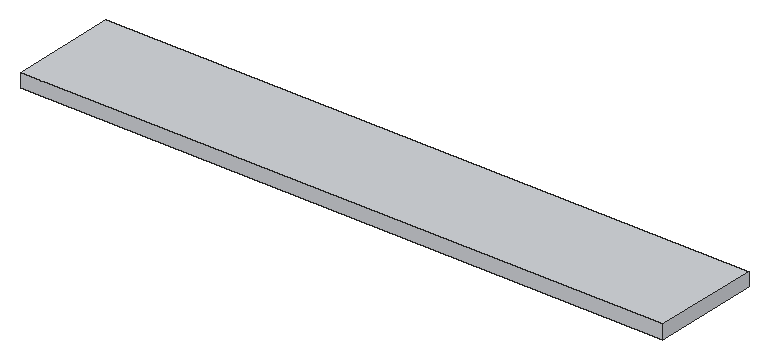
Revit family "DI Slotted Grate", category Plumbing Fixtures, Revit 2014
Parameters (values of type "GIS")
  Width = 6.00"
  Void Length = 0.07"
  URL = "www.siouxchief.com"
  Model = ".865-GIS"
  Manufacturer = "Sioux Chief Manufacturing"
  Length = 36.00"
  Description = "Iron Grate"
Reference planes (in)
  plane 1 "Center (Front/Back)": y = 0
  plane 2: z = 0
  plane 3 "Center (Left/Right)": x = 0
  plane 4: x = -18
  plane 5: x = 18
  plane 6: y = 3
  plane 7: y = -3
  plane 8: x = -18.5
  plane 9: x = -18.43
Forms (in)
  Extrusion 1, solid
    sketch origin (-18, 10.52407, 48) x (0, 1, 0) y (0, 0, 1)
      loop
        line (-7.52407, -48) -> (-7.52407, -47.23) -> (-13.52407, -47.23) -> (-13.52407, -48) -> (-7.52407, -48)
    from 0 to 36
Lines and regions (in)
  model lines
    curve 1: line (16.67215, 2.2775, 0.77) -> (16.67215, -2.2775, 0.77)
    curve 2: line (16.05215, 2.2775, 0.77) -> (16.05215, -2.2775, 0.77)
    curve 3: arc (16.05215, 2.2775, 0.77) -> (16.36215, 2.5875, 0.77) -> (16.67215, 2.2775, 0.77) r 0.31
    curve 4: arc (16.05215, -2.2775, 0.77) -> (16.36215, -2.5875, 0.77) -> (16.67215, -2.2775, 0.77) r 0.31
    curve 5: line (15.55215, 2.2775, 0.77) -> (15.55215, -2.2775, 0.77)
    curve 6: line (14.93215, 2.2775, 0.77) -> (14.93215, -2.2775, 0.77)
    curve 7: arc (14.93215, 2.2775, 0.77) -> (15.24215, 2.5875, 0.77) -> (15.55215, 2.2775, 0.77) r 0.31
    curve 8: arc (14.93215, -2.2775, 0.77) -> (15.24215, -2.5875, 0.77) -> (15.55215, -2.2775, 0.77) r 0.31
    curve 9: line (14.43215, 2.2775, 0.77) -> (14.43215, -2.2775, 0.77)
    curve 10: line (13.81215, 2.2775, 0.77) -> (13.81215, -2.2775, 0.77)
    curve 11: arc (13.81215, 2.2775, 0.77) -> (14.12215, 2.5875, 0.77) -> (14.43215, 2.2775, 0.77) r 0.31
    curve 12: arc (13.81215, -2.2775, 0.77) -> (14.12215, -2.5875, 0.77) -> (14.43215, -2.2775, 0.77) r 0.31
    curve 13: line (13.31215, 2.2775, 0.77) -> (13.31215, -2.2775, 0.77)
    curve 14: line (12.69215, 2.2775, 0.77) -> (12.69215, -2.2775, 0.77)
    curve 15: arc (12.69215, 2.2775, 0.77) -> (13.00215, 2.5875, 0.77) -> (13.31215, 2.2775, 0.77) r 0.31
    curve 16: arc (12.69215, -2.2775, 0.77) -> (13.00215, -2.5875, 0.77) -> (13.31215, -2.2775, 0.77) r 0.31
    curve 17: line (11.37215, 2.2775, 0.77) -> (11.37215, -2.2775, 0.77)
    curve 18: line (10.75215, 2.2775, 0.77) -> (10.75215, -2.2775, 0.77)
    curve 19: arc (10.75215, 2.2775, 0.77) -> (11.06215, 2.5875, 0.77) -> (11.37215, 2.2775, 0.77) r 0.31
    curve 20: arc (10.75215, -2.2775, 0.77) -> (11.06215, -2.5875, 0.77) -> (11.37215, -2.2775, 0.77) r 0.31
    curve 21: line (10.25215, 2.2775, 0.77) -> (10.25215, -2.2775, 0.77)
    curve 22: line (9.63215, 2.2775, 0.77) -> (9.63215, -2.2775, 0.77)
    curve 23: arc (9.63215, 2.2775, 0.77) -> (9.94215, 2.5875, 0.77) -> (10.25215, 2.2775, 0.77) r 0.31
    curve 24: arc (9.63215, -2.2775, 0.77) -> (9.94215, -2.5875, 0.77) -> (10.25215, -2.2775, 0.77) r 0.31
    curve 25: line (9.13215, 2.2775, 0.77) -> (9.13215, -2.2775, 0.77)
    curve 26: line (8.51215, 2.2775, 0.77) -> (8.51215, -2.2775, 0.77)
    curve 27: arc (8.51215, 2.2775, 0.77) -> (8.82215, 2.5875, 0.77) -> (9.13215, 2.2775, 0.77) r 0.31
    curve 28: arc (8.51215, -2.2775, 0.77) -> (8.82215, -2.5875, 0.77) -> (9.13215, -2.2775, 0.77) r 0.31
    curve 29: line (8.01215, 2.2775, 0.77) -> (8.01215, -2.2775, 0.77)
    curve 30: line (7.39215, 2.2775, 0.77) -> (7.39215, -2.2775, 0.77)
    curve 31: arc (7.39215, 2.2775, 0.77) -> (7.70215, 2.5875, 0.77) -> (8.01215, 2.2775, 0.77) r 0.31
    curve 32: arc (7.39215, -2.2775, 0.77) -> (7.70215, -2.5875, 0.77) -> (8.01215, -2.2775, 0.77) r 0.31
    curve 33: line (6.89215, 2.2775, 0.77) -> (6.89215, -2.2775, 0.77)
    curve 34: line (6.27215, 2.2775, 0.77) -> (6.27215, -2.2775, 0.77)
    curve 35: arc (6.27215, 2.2775, 0.77) -> (6.58215, 2.5875, 0.77) -> (6.89215, 2.2775, 0.77) r 0.31
    curve 36: arc (6.27215, -2.2775, 0.77) -> (6.58215, -2.5875, 0.77) -> (6.89215, -2.2775, 0.77) r 0.31
    curve 37: line (5.77215, 2.2775, 0.77) -> (5.77215, -2.2775, 0.77)
    curve 38: line (5.15215, 2.2775, 0.77) -> (5.15215, -2.2775, 0.77)
    curve 39: arc (5.15215, 2.2775, 0.77) -> (5.46215, 2.5875, 0.77) -> (5.77215, 2.2775, 0.77) r 0.31
    curve 40: arc (5.15215, -2.2775, 0.77) -> (5.46215, -2.5875, 0.77) -> (5.77215, -2.2775, 0.77) r 0.31
    curve 41: line (4.65215, 2.2775, 0.77) -> (4.65215, -2.2775, 0.77)
    curve 42: line (4.03215, 2.2775, 0.77) -> (4.03215, -2.2775, 0.77)
    curve 43: arc (4.03215, 2.2775, 0.77) -> (4.34215, 2.5875, 0.77) -> (4.65215, 2.2775, 0.77) r 0.31
    curve 44: arc (4.03215, -2.2775, 0.77) -> (4.34215, -2.5875, 0.77) -> (4.65215, -2.2775, 0.77) r 0.31
    curve 45: line (3.53215, 2.2775, 0.77) -> (3.53215, -2.2775, 0.77)
    curve 46: line (2.91215, 2.2775, 0.77) -> (2.91215, -2.2775, 0.77)
    curve 47: arc (2.91215, 2.2775, 0.77) -> (3.22215, 2.5875, 0.77) -> (3.53215, 2.2775, 0.77) r 0.31
    curve 48: arc (2.91215, -2.2775, 0.77) -> (3.22215, -2.5875, 0.77) -> (3.53215, -2.2775, 0.77) r 0.31
    curve 49: line (2.41215, 2.2775, 0.77) -> (2.41215, -2.2775, 0.77)
    curve 50: line (1.79215, 2.2775, 0.77) -> (1.79215, -2.2775, 0.77)
    curve 51: arc (1.79215, 2.2775, 0.77) -> (2.10215, 2.5875, 0.77) -> (2.41215, 2.2775, 0.77) r 0.31
    curve 52: arc (1.79215, -2.2775, 0.77) -> (2.10215, -2.5875, 0.77) -> (2.41215, -2.2775, 0.77) r 0.31
    curve 53: line (1.29215, 2.2775, 0.77) -> (1.29215, -2.2775, 0.77)
    curve 54: line (0.67215, 2.2775, 0.77) -> (0.67215, -2.2775, 0.77)
    curve 55: arc (0.67215, 2.2775, 0.77) -> (0.98215, 2.5875, 0.77) -> (1.29215, 2.2775, 0.77) r 0.31
    curve 56: arc (0.67215, -2.2775, 0.77) -> (0.98215, -2.5875, 0.77) -> (1.29215, -2.2775, 0.77) r 0.31
    curve 57: line (-16.67215, 2.2775, 0.77) -> (-16.67215, -2.2775, 0.77)
    curve 58: line (-16.05215, 2.2775, 0.77) -> (-16.05215, -2.2775, 0.77)
    curve 59: arc (-16.05215, 2.2775, 0.77) -> (-16.36215, 2.5875, 0.77) -> (-16.67215, 2.2775, 0.77) r 0.31
    curve 60: arc (-16.05215, -2.2775, 0.77) -> (-16.36215, -2.5875, 0.77) -> (-16.67215, -2.2775, 0.77) r 0.31
    curve 61: line (-15.55215, 2.2775, 0.77) -> (-15.55215, -2.2775, 0.77)
    curve 62: line (-14.93215, 2.2775, 0.77) -> (-14.93215, -2.2775, 0.77)
    curve 63: arc (-14.93215, 2.2775, 0.77) -> (-15.24215, 2.5875, 0.77) -> (-15.55215, 2.2775, 0.77) r 0.31
    curve 64: arc (-14.93215, -2.2775, 0.77) -> (-15.24215, -2.5875, 0.77) -> (-15.55215, -2.2775, 0.77) r 0.31
    curve 65: line (-14.43215, 2.2775, 0.77) -> (-14.43215, -2.2775, 0.77)
    curve 66: line (-13.81215, 2.2775, 0.77) -> (-13.81215, -2.2775, 0.77)
    curve 67: arc (-13.81215, 2.2775, 0.77) -> (-14.12215, 2.5875, 0.77) -> (-14.43215, 2.2775, 0.77) r 0.31
    curve 68: arc (-13.81215, -2.2775, 0.77) -> (-14.12215, -2.5875, 0.77) -> (-14.43215, -2.2775, 0.77) r 0.31
    curve 69: line (-13.31215, 2.2775, 0.77) -> (-13.31215, -2.2775, 0.77)
    curve 70: line (-12.69215, 2.2775, 0.77) -> (-12.69215, -2.2775, 0.77)
    curve 71: arc (-12.69215, 2.2775, 0.77) -> (-13.00215, 2.5875, 0.77) -> (-13.31215, 2.2775, 0.77) r 0.31
    curve 72: arc (-12.69215, -2.2775, 0.77) -> (-13.00215, -2.5875, 0.77) -> (-13.31215, -2.2775, 0.77) r 0.31
    curve 73: line (-11.37215, 2.2775, 0.77) -> (-11.37215, -2.2775, 0.77)
    curve 74: line (-10.75215, 2.2775, 0.77) -> (-10.75215, -2.2775, 0.77)
    curve 75: arc (-10.75215, 2.2775, 0.77) -> (-11.06215, 2.5875, 0.77) -> (-11.37215, 2.2775, 0.77) r 0.31
    curve 76: arc (-10.75215, -2.2775, 0.77) -> (-11.06215, -2.5875, 0.77) -> (-11.37215, -2.2775, 0.77) r 0.31
    curve 77: line (-10.25215, 2.2775, 0.77) -> (-10.25215, -2.2775, 0.77)
    curve 78: line (-9.63215, 2.2775, 0.77) -> (-9.63215, -2.2775, 0.77)
    curve 79: arc (-9.63215, 2.2775, 0.77) -> (-9.94215, 2.5875, 0.77) -> (-10.25215, 2.2775, 0.77) r 0.31
    curve 80: arc (-9.63215, -2.2775, 0.77) -> (-9.94215, -2.5875, 0.77) -> (-10.25215, -2.2775, 0.77) r 0.31
    curve 81: line (-9.13215, 2.2775, 0.77) -> (-9.13215, -2.2775, 0.77)
    curve 82: line (-8.51215, 2.2775, 0.77) -> (-8.51215, -2.2775, 0.77)
    curve 83: arc (-8.51215, 2.2775, 0.77) -> (-8.82215, 2.5875, 0.77) -> (-9.13215, 2.2775, 0.77) r 0.31
    curve 84: arc (-8.51215, -2.2775, 0.77) -> (-8.82215, -2.5875, 0.77) -> (-9.13215, -2.2775, 0.77) r 0.31
    curve 85: line (-8.01215, 2.2775, 0.77) -> (-8.01215, -2.2775, 0.77)
    curve 86: line (-7.39215, 2.2775, 0.77) -> (-7.39215, -2.2775, 0.77)
    curve 87: arc (-7.39215, 2.2775, 0.77) -> (-7.70215, 2.5875, 0.77) -> (-8.01215, 2.2775, 0.77) r 0.31
    curve 88: arc (-7.39215, -2.2775, 0.77) -> (-7.70215, -2.5875, 0.77) -> (-8.01215, -2.2775, 0.77) r 0.31
    curve 89: line (-6.89215, 2.2775, 0.77) -> (-6.89215, -2.2775, 0.77)
    curve 90: line (-6.27215, 2.2775, 0.77) -> (-6.27215, -2.2775, 0.77)
    curve 91: arc (-6.27215, 2.2775, 0.77) -> (-6.58215, 2.5875, 0.77) -> (-6.89215, 2.2775, 0.77) r 0.31
    curve 92: arc (-6.27215, -2.2775, 0.77) -> (-6.58215, -2.5875, 0.77) -> (-6.89215, -2.2775, 0.77) r 0.31
    curve 93: line (-5.77215, 2.2775, 0.77) -> (-5.77215, -2.2775, 0.77)
    curve 94: line (-5.15215, 2.2775, 0.77) -> (-5.15215, -2.2775, 0.77)
    curve 95: arc (-5.15215, 2.2775, 0.77) -> (-5.46215, 2.5875, 0.77) -> (-5.77215, 2.2775, 0.77) r 0.31
    curve 96: arc (-5.15215, -2.2775, 0.77) -> (-5.46215, -2.5875, 0.77) -> (-5.77215, -2.2775, 0.77) r 0.31
    curve 97: line (-4.65215, 2.2775, 0.77) -> (-4.65215, -2.2775, 0.77)
    curve 98: line (-4.03215, 2.2775, 0.77) -> (-4.03215, -2.2775, 0.77)
    curve 99: arc (-4.03215, 2.2775, 0.77) -> (-4.34215, 2.5875, 0.77) -> (-4.65215, 2.2775, 0.77) r 0.31
    curve 100: arc (-4.03215, -2.2775, 0.77) -> (-4.34215, -2.5875, 0.77) -> (-4.65215, -2.2775, 0.77) r 0.31
    curve 101: line (-3.53215, 2.2775, 0.77) -> (-3.53215, -2.2775, 0.77)
    curve 102: line (-2.91215, 2.2775, 0.77) -> (-2.91215, -2.2775, 0.77)
    curve 103: arc (-2.91215, 2.2775, 0.77) -> (-3.22215, 2.5875, 0.77) -> (-3.53215, 2.2775, 0.77) r 0.31
    curve 104: arc (-2.91215, -2.2775, 0.77) -> (-3.22215, -2.5875, 0.77) -> (-3.53215, -2.2775, 0.77) r 0.31
    curve 105: line (-2.41215, 2.2775, 0.77) -> (-2.41215, -2.2775, 0.77)
    curve 106: line (-1.79215, 2.2775, 0.77) -> (-1.79215, -2.2775, 0.77)
    curve 107: arc (-1.79215, 2.2775, 0.77) -> (-2.10215, 2.5875, 0.77) -> (-2.41215, 2.2775, 0.77) r 0.31
    curve 108: arc (-1.79215, -2.2775, 0.77) -> (-2.10215, -2.5875, 0.77) -> (-2.41215, -2.2775, 0.77) r 0.31
    curve 109: line (-1.29215, 2.2775, 0.77) -> (-1.29215, -2.2775, 0.77)
    curve 110: line (-0.67215, 2.2775, 0.77) -> (-0.67215, -2.2775, 0.77)
    curve 111: arc (-0.67215, 2.2775, 0.77) -> (-0.98215, 2.5875, 0.77) -> (-1.29215, 2.2775, 0.77) r 0.31
    curve 112: arc (-0.67215, -2.2775, 0.77) -> (-0.98215, -2.5875, 0.77) -> (-1.29215, -2.2775, 0.77) r 0.31
    curve 113: circle (-15.80215, 2.625, 0.77) r 0.1 normal (0, 0, 1)
    curve 114: circle (-15.80215, -2.625, 0.77) r 0.1 normal (0, 0, -1)
    curve 115: circle (-14.68215, 2.625, 0.77) r 0.1 normal (0, 0, 1)
    curve 116: circle (-14.68215, -2.625, 0.77) r 0.1 normal (0, 0, -1)
    curve 117: circle (-13.56215, 2.625, 0.77) r 0.1 normal (0, 0, 1)
    curve 118: circle (-13.56215, -2.625, 0.77) r 0.1 normal (0, 0, -1)
    curve 119: circle (-10.50215, 2.625, 0.77) r 0.1 normal (0, 0, 1)
    curve 120: circle (-10.50215, -2.625, 0.77) r 0.1 normal (0, 0, -1)
    curve 121: circle (-9.38215, 2.625, 0.77) r 0.1 normal (0, 0, 1)
    curve 122: circle (-9.38215, -2.625, 0.77) r 0.1 normal (0, 0, -1)
    curve 123: circle (-8.26215, 2.625, 0.77) r 0.1 normal (0, 0, 1)
    curve 124: circle (-8.26215, -2.625, 0.77) r 0.1 normal (0, 0, -1)
    curve 125: circle (-7.14215, 2.625, 0.77) r 0.1 normal (0, 0, 1)
    curve 126: circle (-7.14215, -2.625, 0.77) r 0.1 normal (0, 0, -1)
    curve 127: circle (-6.02215, 2.625, 0.77) r 0.1 normal (0, 0, 1)
    curve 128: circle (-6.02215, -2.625, 0.77) r 0.1 normal (0, 0, -1)
    curve 129: circle (-4.90215, 2.625, 0.77) r 0.1 normal (0, 0, 1)
    curve 130: circle (-4.90215, -2.625, 0.77) r 0.1 normal (0, 0, -1)
    curve 131: circle (-3.78215, 2.625, 0.77) r 0.1 normal (0, 0, 1)
    curve 132: circle (-3.78215, -2.625, 0.77) r 0.1 normal (0, 0, -1)
    curve 133: circle (-2.66215, 2.625, 0.77) r 0.1 normal (0, 0, 1)
    curve 134: circle (-2.66215, -2.625, 0.77) r 0.1 normal (0, 0, -1)
    curve 135: circle (-1.54215, 2.625, 0.77) r 0.1 normal (0, 0, 1)
    curve 136: circle (-1.54215, -2.625, 0.77) r 0.1 normal (0, 0, -1)
    curve 137: circle (1.54215, 2.625, 0.77) r 0.1 normal (0, 0, 1)
    curve 138: circle (1.54215, -2.625, 0.77) r 0.1 normal (0, 0, -1)
    curve 139: circle (2.66215, 2.625, 0.77) r 0.1 normal (0, 0, 1)
    curve 140: circle (2.66215, -2.625, 0.77) r 0.1 normal (0, 0, -1)
    curve 141: circle (3.78215, 2.625, 0.77) r 0.1 normal (0, 0, 1)
    curve 142: circle (3.78215, -2.625, 0.77) r 0.1 normal (0, 0, -1)
    curve 143: circle (4.90215, 2.625, 0.77) r 0.1 normal (0, 0, 1)
    curve 144: circle (4.90215, -2.625, 0.77) r 0.1 normal (0, 0, -1)
    curve 145: circle (6.02215, 2.625, 0.77) r 0.1 normal (0, 0, 1)
    curve 146: circle (6.02215, -2.625, 0.77) r 0.1 normal (0, 0, -1)
    curve 147: circle (7.14215, 2.625, 0.77) r 0.1 normal (0, 0, 1)
    curve 148: circle (7.14215, -2.625, 0.77) r 0.1 normal (0, 0, -1)
    curve 149: circle (8.26215, 2.625, 0.77) r 0.1 normal (0, 0, 1)
    curve 150: circle (8.26215, -2.625, 0.77) r 0.1 normal (0, 0, -1)
    curve 151: circle (9.38215, 2.625, 0.77) r 0.1 normal (0, 0, 1)
    curve 152: circle (9.38215, -2.625, 0.77) r 0.1 normal (0, 0, -1)
    curve 153: circle (10.50215, 2.625, 0.77) r 0.1 normal (0, 0, 1)
    curve 154: circle (10.50215, -2.625, 0.77) r 0.1 normal (0, 0, -1)
    curve 155: circle (13.56215, 2.625, 0.77) r 0.1 normal (0, 0, 1)
    curve 156: circle (13.56215, -2.625, 0.77) r 0.1 normal (0, 0, -1)
    curve 157: circle (14.68215, 2.625, 0.77) r 0.1 normal (0, 0, 1)
    curve 158: circle (14.68215, -2.625, 0.77) r 0.1 normal (0, 0, -1)
    curve 159: circle (15.80215, 2.625, 0.77) r 0.1 normal (0, 0, 1)
    curve 160: circle (15.80215, -2.625, 0.77) r 0.1 normal (0, 0, -1)
    curve 161: circle (-12.03215, 2.625, 0.77) r 0.1 normal (0, 0, 1)
    curve 162: circle (-12.03215, -2.625, 0.77) r 0.1 normal (0, 0, -1)
    curve 163: circle (-0.01215, 2.625, 0.77) r 0.1 normal (0, 0, 1)
    curve 164: circle (-0.01215, -2.625, 0.77) r 0.1 normal (0, 0, -1)
    curve 165: circle (12.03215, 2.625, 0.77) r 0.1 normal (0, 0, 1)
    curve 166: circle (12.03215, -2.625, 0.77) r 0.1 normal (0, 0, -1)
    curve 167: circle (17.33215, 2.625, 0.77) r 0.1 normal (0, 0, 1)
    curve 168: circle (17.33215, -2.625, 0.77) r 0.1 normal (0, 0, -1)
    curve 169: circle (-15.80215, 0, 0.77) r 0.1 normal (0, 0, -1)
    curve 170: circle (-14.68215, 0, 0.77) r 0.1 normal (0, 0, -1)
    curve 171: circle (-13.56215, 0, 0.77) r 0.1 normal (0, 0, -1)
    curve 172: circle (-10.50215, 0, 0.77) r 0.1 normal (0, 0, -1)
    curve 173: circle (-9.38215, 0, 0.77) r 0.1 normal (0, 0, -1)
    curve 174: circle (-8.26215, 0, 0.77) r 0.1 normal (0, 0, -1)
    curve 175: circle (-7.14215, 0, 0.77) r 0.1 normal (0, 0, -1)
    curve 176: circle (-6.02215, 0, 0.77) r 0.1 normal (0, 0, -1)
    curve 177: circle (-4.90215, 0, 0.77) r 0.1 normal (0, 0, -1)
    curve 178: circle (-3.78215, 0, 0.77) r 0.1 normal (0, 0, -1)
    curve 179: circle (-2.66215, 0, 0.77) r 0.1 normal (0, 0, -1)
    curve 180: circle (-1.54215, 0, 0.77) r 0.1 normal (0, 0, -1)
    curve 181: circle (1.54215, 0, 0.77) r 0.1 normal (0, 0, -1)
    curve 182: circle (2.66215, 0, 0.77) r 0.1 normal (0, 0, -1)
    curve 183: circle (3.78215, 0, 0.77) r 0.1 normal (0, 0, -1)
    curve 184: circle (4.90215, 0, 0.77) r 0.1 normal (0, 0, -1)
    curve 185: circle (6.02215, 0, 0.77) r 0.1 normal (0, 0, -1)
    curve 186: circle (7.14215, 0, 0.77) r 0.1 normal (0, 0, -1)
    curve 187: circle (8.26215, 0, 0.77) r 0.1 normal (0, 0, -1)
    curve 188: circle (9.38215, 0, 0.77) r 0.1 normal (0, 0, -1)
    curve 189: circle (10.50215, 0, 0.77) r 0.1 normal (0, 0, -1)
    curve 190: circle (13.56215, 0, 0.77) r 0.1 normal (0, 0, -1)
    curve 191: circle (14.68215, 0, 0.77) r 0.1 normal (0, 0, -1)
    curve 192: circle (15.80215, 0, 0.77) r 0.1 normal (0, 0, -1)
    curve 193: circle (-12.03215, 0, 0.77) r 0.3 normal (0, 0, -1)
    curve 194: circle (-0.01215, 0, 0.77) r 0.3 normal (0, 0, -1)
    curve 195: circle (12.03215, 0, 0.77) r 0.3 normal (0, 0, -1)
    curve 196: circle (17.33215, 0, 0.77) r 0.1 normal (0, 0, -1)
Dimensions and locks (in)
  equal spacing: plane 4, plane 3 "Center (Left/Right)", plane 5
  "Length": plane 4 to plane 5
  equal spacing: plane 6, plane 1 "Center (Front/Back)", plane 7
  "Width": plane 6 to plane 7
  "Void Length": plane 8 to plane 9
  locked: plane 8 to plane 3 "Center (Left/Right)" at 18.5
  aligned and locked: plane 2 to level
  aligned and locked: Extrusion 1 to plane 4
  aligned and locked: Extrusion 1 to plane 5
Automatic sketch dimensions
  curve 139 to Extrusion 1 = 0.375"
  curve 167 to Extrusion 1 = 0.375"
  curve 115 to Extrusion 1 = 0.375"
  curve 165 to Extrusion 1 = 0.375"
  curve 117 to Extrusion 1 = 0.375"
  curve 119 to Extrusion 1 = 0.375"
  curve 121 to Extrusion 1 = 0.375"
  curve 163 to Extrusion 1 = 0.375"
  curve 161 to Extrusion 1 = 0.375"
  curve 159 to Extrusion 1 = 0.375"
  curve 123 to Extrusion 1 = 0.375"
  curve 157 to Extrusion 1 = 0.375"
  curve 125 to Extrusion 1 = 0.375"
  curve 155 to Extrusion 1 = 0.375"
  curve 127 to Extrusion 1 = 0.375"
  curve 129 to Extrusion 1 = 0.375"
  curve 131 to Extrusion 1 = 0.375"
  curve 153 to Extrusion 1 = 0.375"
  curve 151 to Extrusion 1 = 0.375"
  curve 149 to Extrusion 1 = 0.375"
  curve 133 to Extrusion 1 = 0.375"
  curve 147 to Extrusion 1 = 0.375"
  curve 135 to Extrusion 1 = 0.375"
  curve 145 to Extrusion 1 = 0.375"
  curve 137 to Extrusion 1 = 0.375"
  curve 113 to Extrusion 1 = 0.375"
  curve 141 to Extrusion 1 = 0.375"
  curve 143 to Extrusion 1 = 0.375"
  curve 155 to curve 13 = 0.3475"
  curve 157 to curve 11 = 0.3475"
  curve 17 to Extrusion 1 = 0.7225"
  curve 159 to curve 7 = 0.3475"
  curve 153 to curve 21 = 0.3475"
  curve 159 to curve 3 = 0.3475"
  curve 151 to curve 25 = 0.3475"
  curve 135 to curve 111 = 0.3475"
  curve 149 to curve 29 = 0.3475"
  curve 135 to curve 107 = 0.3475"
  curve 147 to curve 33 = 0.3475"
  curve 133 to curve 103 = 0.3475"
  curve 145 to curve 37 = 0.3475"
  curve 131 to curve 99 = 0.3475"
  curve 143 to curve 41 = 0.3475"
  curve 129 to curve 95 = 0.3475"
  curve 141 to curve 45 = 0.3475"
  curve 127 to curve 91 = 0.3475"
  curve 139 to curve 49 = 0.3475"
  curve 125 to curve 87 = 0.3475"
  curve 137 to curve 53 = 0.3475"
  curve 123 to curve 83 = 0.3475"
  curve 57 to Extrusion 1 = 0.7225"  (x2)
  curve 121 to curve 79 = 0.3475"
  curve 113 to curve 61 = 0.3475"
  curve 119 to curve 75 = 0.3475"
  curve 115 to curve 65 = 0.3475"
  curve 117 to curve 71 = 0.3475"
  Extrusion 1 to curve 196 = 0.66785"
  curve 1 to curve 196 = 2.2775"
  curve 62 to curve 170 = 2.2775"
  curve 170 to curve 171 = 0.00"
  curve 74 to curve 172 = 2.2775"
  curve 172 to curve 173 = 0.00"
  curve 173 to curve 174 = 0.00"
  curve 174 to curve 175 = 0.00"
  curve 175 to curve 176 = 0.00"
  curve 176 to curve 177 = 0.00"
  curve 177 to curve 178 = 0.00"
  curve 178 to curve 179 = 0.00"
  curve 179 to curve 180 = 0.00"
  curve 51 to curve 181 = 2.2775"
  curve 181 to curve 182 = 0.00"
  curve 182 to curve 183 = 0.00"
  curve 183 to curve 184 = 0.00"
  curve 184 to curve 185 = 0.00"
  curve 185 to curve 186 = 0.00"
  curve 186 to curve 187 = 0.00"
  curve 187 to curve 188 = 0.00"
  curve 188 to curve 189 = 0.00"
  curve 15 to curve 190 = 2.2775"
  curve 190 to curve 191 = 0.00"
  curve 191 to curve 192 = 0.00"
  curve 193 to curve 172 = 0.00"
  curve 180 to curve 194 = 0.00"
  curve 189 to curve 195 = 0.00"
  curve 169 to curve 170 = 0.00"
  curve 80 to Extrusion 1 = 0.7225"
  curve 56 to Extrusion 1 = 0.7225"
  curve 80 to curve 81 = 0.00"
  curve 52 to Extrusion 1 = 0.7225"
  curve 84 to curve 85 = 0.00"
  curve 48 to Extrusion 1 = 0.7225"
  curve 88 to curve 89 = 0.00"
  curve 44 to Extrusion 1 = 0.7225"
  curve 92 to curve 93 = 0.00"
  curve 40 to Extrusion 1 = 0.7225"
  curve 96 to curve 97 = 0.00"
  curve 36 to Extrusion 1 = 0.7225"
  curve 102 to Extrusion 1 = 0.7225"
  curve 32 to Extrusion 1 = 0.7225"
  curve 104 to curve 105 = 0.00"
  curve 28 to Extrusion 1 = 0.7225"
  curve 108 to curve 109 = 0.00"
  curve 24 to Extrusion 1 = 0.7225"
  curve 20 to Extrusion 1 = 0.7225"
  curve 76 to Extrusion 1 = 0.7225"
  curve 16 to Extrusion 1 = 0.7225"
  curve 60 to curve 61 = 0.00"
  curve 12 to Extrusion 1 = 0.7225"
  curve 72 to Extrusion 1 = 0.7225"
  curve 8 to Extrusion 1 = 0.7225"
  curve 64 to curve 65 = 0.00"
  curve 4 to Extrusion 1 = 0.7225"
  curve 166 to Extrusion 1 = 0.375"
  curve 164 to Extrusion 1 = 0.375"
  curve 162 to Extrusion 1 = 0.375"
  curve 160 to Extrusion 1 = 0.375"
  curve 158 to Extrusion 1 = 0.375"
  curve 156 to Extrusion 1 = 0.375"
  curve 154 to Extrusion 1 = 0.375"
  curve 152 to Extrusion 1 = 0.375"
  curve 150 to Extrusion 1 = 0.375"
  curve 148 to Extrusion 1 = 0.375"
  curve 146 to Extrusion 1 = 0.375"
  curve 144 to Extrusion 1 = 0.375"
  curve 142 to Extrusion 1 = 0.375"
  curve 140 to Extrusion 1 = 0.375"
  curve 138 to Extrusion 1 = 0.375"
  curve 136 to Extrusion 1 = 0.375"
  curve 134 to Extrusion 1 = 0.375"
  curve 132 to Extrusion 1 = 0.375"
  curve 130 to Extrusion 1 = 0.375"
  curve 128 to Extrusion 1 = 0.375"
  curve 126 to Extrusion 1 = 0.375"
  curve 124 to Extrusion 1 = 0.375"
  curve 122 to Extrusion 1 = 0.375"
  curve 120 to Extrusion 1 = 0.375"
  curve 118 to Extrusion 1 = 0.375"
  curve 116 to Extrusion 1 = 0.375"
  curve 114 to Extrusion 1 = 0.375"
  curve 168 to Extrusion 1 = 0.375"
  Extrusion 1 to curve 167 = 0.66785"
  curve 1 to curve 167 = 0.66"
  curve 4 to curve 4 = 0.31"
  curve 160 to curve 4 = 0.25"
  curve 159 to curve 3 = 0.25"
  curve 192 to curve 196 = 1.53"
  curve 5 to curve 160 = 0.25"
  curve 7 to curve 5 = 0.31"
  curve 157 to curve 7 = 0.25"
  curve 158 to curve 8 = 0.25"
  curve 191 to curve 192 = 1.12"
  curve 9 to curve 158 = 0.25"
  curve 12 to curve 12 = 0.31"
  curve 190 to curve 191 = 1.12"
  curve 156 to curve 12 = 0.25"
  curve 155 to curve 11 = 0.25"
  curve 13 to curve 156 = 0.25"
  curve 15 to curve 13 = 0.31"
  curve 195 to curve 190 = 1.53"
  curve 165 to curve 14 = 0.66"
  curve 166 to curve 16 = 0.66"
  curve 17 to curve 165 = 0.66"
  curve 19 to curve 17 = 0.31"
  curve 189 to curve 195 = 1.53"
  curve 154 to curve 20 = 0.25"
  curve 153 to curve 18 = 0.25"
  curve 21 to curve 154 = 0.25"
  curve 24 to curve 24 = 0.31"
  curve 188 to curve 189 = 1.12"
  curve 152 to curve 24 = 0.25"
  curve 151 to curve 22 = 0.25"
  curve 25 to curve 152 = 0.25"
  curve 28 to curve 28 = 0.31"
  curve 149 to curve 26 = 0.25"
  curve 187 to curve 188 = 1.12"
  curve 150 to curve 28 = 0.25"
  curve 29 to curve 149 = 0.25"
  curve 31 to curve 29 = 0.31"
  curve 147 to curve 30 = 0.25"
  curve 186 to curve 187 = 1.12"
  curve 148 to curve 32 = 0.25"
  curve 33 to curve 147 = 0.25"
  curve 36 to curve 36 = 0.31"
  curve 145 to curve 34 = 0.25"
  curve 146 to curve 36 = 0.25"
  curve 185 to curve 186 = 1.12"
  curve 37 to curve 146 = 0.25"
  curve 40 to curve 40 = 0.31"
  curve 144 to curve 40 = 0.25"
  curve 143 to curve 38 = 0.25"
  curve 184 to curve 185 = 1.12"
  curve 41 to curve 144 = 0.25"
  curve 43 to curve 41 = 0.31"
  curve 183 to curve 184 = 1.12"
  curve 141 to curve 42 = 0.25"
  curve 142 to curve 44 = 0.25"
  curve 45 to curve 142 = 0.25"
  curve 47 to curve 45 = 0.31"
  curve 182 to curve 183 = 1.12"
  curve 140 to curve 48 = 0.25"
  curve 139 to curve 46 = 0.25"
  curve 49 to curve 139 = 0.25"
  curve 51 to curve 49 = 0.31"
  curve 137 to curve 50 = 0.25"
  curve 138 to curve 52 = 0.25"
  curve 181 to curve 182 = 1.12"
  curve 53 to curve 137 = 0.25"
  curve 56 to curve 53 = 0.31"
  curve 163 to curve 54 = 0.68431"
  curve 164 to curve 56 = 0.68431"
  curve 194 to curve 181 = 1.55431"
  curve 110 to curve 164 = 0.66"
  curve 112 to curve 110 = 0.31"
  curve 180 to curve 194 = 1.53"
  curve 136 to curve 109 = 0.25"
  curve 135 to curve 111 = 0.25"
  curve 106 to curve 135 = 0.25"
  curve 108 to curve 106 = 0.31"
  curve 133 to curve 107 = 0.25"
  curve 134 to curve 105 = 0.25"
  curve 179 to curve 180 = 1.12"
  curve 102 to curve 134 = 0.25"
  curve 104 to curve 102 = 0.31"
  curve 178 to curve 179 = 1.12"
  curve 132 to curve 101 = 0.25"
  curve 131 to curve 103 = 0.25"
  curve 98 to curve 131 = 0.25"
  curve 100 to curve 98 = 0.31"
  curve 129 to curve 99 = 0.25"
  curve 130 to curve 97 = 0.25"
  curve 177 to curve 178 = 1.12"
  curve 94 to curve 129 = 0.25"
  curve 96 to curve 94 = 0.31"
  curve 127 to curve 95 = 0.25"
  curve 128 to curve 93 = 0.25"
  curve 176 to curve 177 = 1.12"
  curve 90 to curve 128 = 0.25"
  curve 91 to curve 90 = 0.31"
  curve 125 to curve 91 = 0.25"
  curve 175 to curve 176 = 1.12"
  curve 126 to curve 89 = 0.25"
  curve 86 to curve 126 = 0.25"
  curve 87 to curve 86 = 0.31"
  curve 123 to curve 87 = 0.25"
  curve 174 to curve 175 = 1.12"
  curve 124 to curve 85 = 0.25"
  curve 82 to curve 123 = 0.25"
  curve 84 to curve 82 = 0.31"
  curve 122 to curve 81 = 0.25"
  curve 173 to curve 174 = 1.12"
  curve 121 to curve 83 = 0.25"
  curve 78 to curve 121 = 0.25"
  curve 80 to curve 78 = 0.31"
  curve 120 to curve 77 = 0.25"
  curve 172 to curve 173 = 1.12"
  curve 119 to curve 79 = 0.25"
  curve 74 to curve 120 = 0.25"
  curve 76 to curve 74 = 0.31"
  curve 193 to curve 172 = 1.53"
  curve 161 to curve 73 = 0.66"
  curve 162 to curve 73 = 0.66"
  curve 70 to curve 162 = 0.66"
  curve 71 to curve 70 = 0.31"
  curve 117 to curve 71 = 0.25"
  curve 171 to curve 193 = 1.53"
  curve 118 to curve 69 = 0.25"
  curve 66 to curve 118 = 0.25"
  curve 67 to curve 66 = 0.31"
  curve 116 to curve 65 = 0.25"
  curve 170 to curve 171 = 1.12"
  curve 115 to curve 67 = 0.25"
  curve 62 to curve 115 = 0.25"
  curve 64 to curve 62 = 0.31"
  curve 114 to curve 61 = 0.25"
  curve 169 to curve 170 = 1.12"
  curve 113 to curve 63 = 0.25"
  curve 58 to curve 113 = 0.25"
  curve 60 to curve 58 = 0.31"
  Extrusion 1 to curve 168 = 0.66785"
  Extrusion 1 sketch curve to level = 0.00"
  Extrusion 1 sketch curve to plane 7 = 0.00"
  Extrusion 1 sketch curve to plane 6 = 0.00"
  Extrusion 1 sketch curve to Extrusion 1 sketch curve = 0.77"
  radius of curve 113 = 0.10"
  radius of curve 114 = 0.10"
  radius of curve 115 = 0.10"
  radius of curve 116 = 0.10"
  radius of curve 117 = 0.10"
  radius of curve 118 = 0.10"
  radius of curve 119 = 0.10"
  radius of curve 120 = 0.10"
  radius of curve 121 = 0.10"
  radius of curve 122 = 0.10"
  radius of curve 123 = 0.10"
  radius of curve 124 = 0.10"
  radius of curve 125 = 0.10"
  radius of curve 126 = 0.10"
  radius of curve 127 = 0.10"
  radius of curve 128 = 0.10"
  radius of curve 129 = 0.10"
  radius of curve 130 = 0.10"
  radius of curve 131 = 0.10"
  radius of curve 132 = 0.10"
  radius of curve 133 = 0.10"
  radius of curve 134 = 0.10"
  radius of curve 135 = 0.10"
  radius of curve 136 = 0.10"
  radius of curve 137 = 0.10"
  radius of curve 138 = 0.10"
  radius of curve 139 = 0.10"
  radius of curve 140 = 0.10"
  radius of curve 141 = 0.10"
  radius of curve 142 = 0.10"
  radius of curve 143 = 0.10"
  radius of curve 144 = 0.10"
  radius of curve 145 = 0.10"
  radius of curve 146 = 0.10"
  radius of curve 147 = 0.10"
  radius of curve 148 = 0.10"
  radius of curve 149 = 0.10"
  radius of curve 150 = 0.10"
  radius of curve 151 = 0.10"
  radius of curve 152 = 0.10"
  radius of curve 153 = 0.10"
  radius of curve 154 = 0.10"
  radius of curve 155 = 0.10"
  radius of curve 156 = 0.10"
  radius of curve 157 = 0.10"
  radius of curve 158 = 0.10"
  radius of curve 159 = 0.10"
  radius of curve 160 = 0.10"
  radius of curve 161 = 0.10"
  radius of curve 162 = 0.10"
  radius of curve 163 = 0.10"
  radius of curve 164 = 0.10"
  radius of curve 165 = 0.10"
  radius of curve 166 = 0.10"
  radius of curve 167 = 0.10"
  radius of curve 168 = 0.10"
  radius of curve 169 = 0.10"
  radius of curve 170 = 0.10"
  radius of curve 171 = 0.10"
  radius of curve 172 = 0.10"
  radius of curve 173 = 0.10"
  radius of curve 174 = 0.10"
  radius of curve 175 = 0.10"
  radius of curve 176 = 0.10"
  radius of curve 177 = 0.10"
  radius of curve 178 = 0.10"
  radius of curve 179 = 0.10"
  radius of curve 180 = 0.10"
  radius of curve 181 = 0.10"
  radius of curve 182 = 0.10"
  radius of curve 183 = 0.10"
  radius of curve 184 = 0.10"
  radius of curve 185 = 0.10"
  radius of curve 186 = 0.10"
  radius of curve 187 = 0.10"
  radius of curve 188 = 0.10"
  radius of curve 189 = 0.10"
  radius of curve 190 = 0.10"
  radius of curve 191 = 0.10"
  radius of curve 192 = 0.10"
  radius of curve 194 = 0.30"
  radius of curve 195 = 0.30"
  radius of curve 196 = 0.10"
  radius of curve 193 = 0.30"
